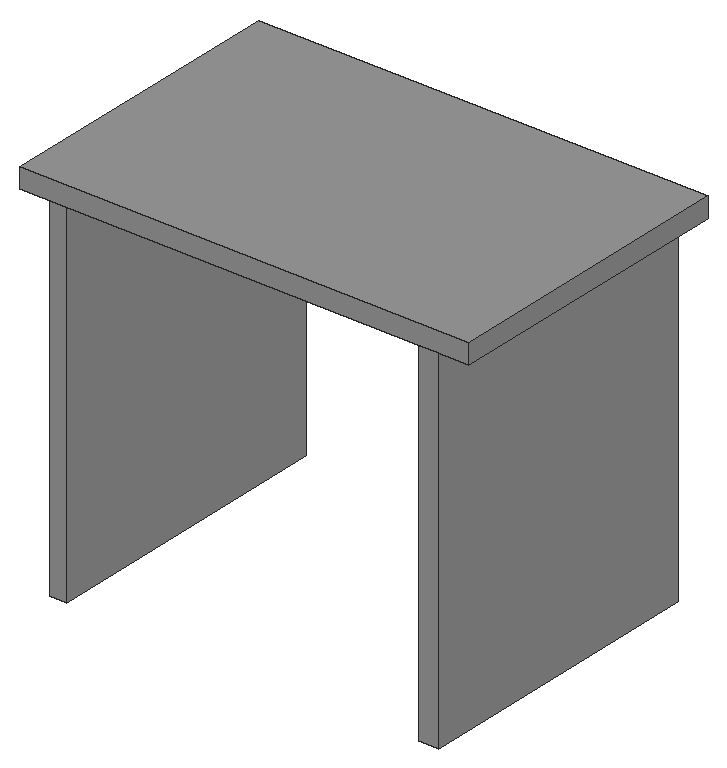
Revit family "АВЛН_Стол письменный", category Мебель, Revit 2019
Family settings
  Номер OmniClass = 23.40.20.00
  Заголовок OmniClass = General Furniture and Specialties
  На основе рабочей плоскости = Нет
  Всегда вертикально = Да
  При загрузке вырезать с полостями = Нет
  Общий = Нет
  Точка расчета площади = Нет
Parameters (values of type "Ученический стол для МГН для швейной машины")
  Ширина тумбы = 400 mm
  Тумба подвесная = no
  Описание = "Ученический стол для МГН для швейной машины;\r\n900х600х750мм;"
  М. стола = Деревянная обшивка, ДСП
  Type Comments = ""
  Keynote = ""
  Кафедра библеотекаря = no
  Manufacturer = ""
  Зеркало = no
  Задняя стенка = no
  Группа модели = "Оборудование основных помещений школы"
  Высота тумбы = 850 mm
  Бортик_центральный = no
  Бортики_боковые = no
  ADSK_Размер_Ширина = 600 mm
  ADSK_Размер_Длина = 900 mm
  ADSK_Размер_Высота = 750 mm
  ADSK_Обозначение = ""
  ADSK_Масса = 0
  ADSK_Код изделия = ""
  ADSK_Единица измерения = "шт"  # constant formula
Types (16, lengths in mm): name | Ширина тумбы | Тумба подвесная | Описание | Кафедра библеотекаря | Manufacturer | Зеркало | Задняя стенка | Высота тумбы | Бортик_центральный | Бортики_боковые | ADSK_Размер_Ширина | ADSK_Размер_Длина | ADSK_Размер_Высота | ADSK_Обозначение | ADSK_Код изделия
  (no name) | 400 | no | "Ученический стол для МГН для швейной машины;\r\n900х600х750мм;" | no | "" | no | no | 850 | no | no | 600 | 900 | 750 | "" | ""
  Стол письменный с подвесной тумбой (стол учителя) | 420 | yes | "Стол письменный с подвесной тумбой (стол учителя)\r\nстолешница ДСП ламинированная,\r\nгаб.1200х600х750мм," | no | "УП «СВ КЛАСС»\r\nБеларусь" | no | yes | 600 | no | no | 600 | 1200 | 750 | "ГОСТ 18313-93" | ""
  Стол учителя приставной | 420 | no | "Стол учителя приставной, габ. 980х520х690 мм" | no | "" | no | yes | 600 | no | no | 520 | 980 | 690 | "" | ""
  Стол учителя, габ.800х600х750мм | 420 | no | "Стол учителя, габ.800х600х750мм" | no | "" | no | yes | 600 | no | no | 600 | 800 | 750 | "" | ""
  Стол рабочий, 2000х940х750мм | 420 | no | "Стол рабочий, 2000х940х750мм" | no | "«Офис-Директ»" | no | yes | 600 | no | no | 600 | 800 | 750 | "ПРЕМЬЕР" | "ПР 111"
  Стол компьютерный одноместный с регулировкой | 420 | no | "Стол компьютерный одноместный с регулировкой по\r\nвысоте 900х680 мм" | no | "" | no | yes | 600 | no | no | 680 | 900 | 750 | "" | ""
  Стол читательский 1200х500 с регулируемой | 420 | no | "Стол читательский: 1200х500 с регулируемой\r\n(изменяемой) высотой № 1-3 и № 2-4 групп роста" | no | "" | no | yes | 600 | no | no | 500 | 1200 | 750 | "" | ""
  Стол для выдачи пособий 1200х600х700мм | 420 | no | "Стол для выдачи пособий 1200х600х700мм" | no | "" | no | yes | 600 | no | no | 600 | 1200 | 700 | "" | ""
  Стол журнальный 900х500х600 | 420 | no | "Стол журнальный 900х500х600" | no | "Торговая сеть" | no | yes | 600 | no | no | 500 | 900 | 600 | "" | ""
  Стол однотумбовый 800х600х840 | 605 | yes | "Стол однотумбовый 800х600х840" | no | "" | no | no | 780 | no | no | 600 | 800 | 840 | "" | ""
  Стол-барьер для МГН с боковыми бортиками 2х местный | 605 | no | "Стол-барьер для МГН с боковыми бортиками и\r\nэкранами у стола, 2-хместный" | no | "" | no | yes | 780 | yes | yes | 500 | 1200 | 840 | "Радуга-ЛИК\r\nсерия «NEXT»" | ""
  Стол-барьер для МГН с боковыми бортиками одноместный | 605 | no | "Стол-барьер для МГН с боковыми бортиками и\r\nэкранами у стола, размерами 1000х650мм" | no | "" | no | yes | 780 | no | yes | 650 | 1000 | 840 | "Радуга-ЛИК\r\nсерия «NEXT»" | ""
  Кафедра библиотекаря 1200х600х900мм | 400 | yes | "Кафедра библиотекаря 1200х600х900мм" | yes | "" | no | yes | 850 | no | no | 600 | 1200 | 900 | "" | ""
  Стол дидактический для логопеда | 400 | no | "Стол дидактический для логопеда; 1200х426х1100мм\r\nс зеркалом" | no | "" | yes | yes | 850 | no | yes | 425 | 1200 | 1100 | "" | ""
  Ученический стол для швейной машины | 400 | no | "Ученический стол для швейной машины;\r\n800х600х750мм;" | no | "" | no | no | 850 | no | no | 600 | 800 | 750 | "" | ""
  Ученический стол для МГН для швейной машины | 400 | no | "Ученический стол для МГН для швейной машины;\r\n900х600х750мм;" | no | "" | no | no | 850 | no | no | 600 | 900 | 750 | "" | ""
Reference planes
  plane 1 "По центру (Вперед/Назад)": y = 0
  plane 2: z = 0
  plane 3 "По центру (Влево/Вправо)": x = 0
  plane 4: z = 750
  plane 5: y = 300
  plane 6: x = 450
  plane 7: x = -450
  plane 8: y = -300
Forms (mm)
  Extrusion 1, solid, material "Деревянная обшивка, ДСП" <- "М. стола"
    sketch origin (0, -518.993, 588.996) x (-1, 0, 0) y (0, -1, 0)
      loop
        line (-450, -818.993) -> (450, -818.993) -> (450, -218.993) -> (-450, -218.993) -> (-450, -818.993)
    from 121.004 to 161.004
  Extrusion 2, solid, material "Деревянная обшивка, ДСП" <- "М. стола"
    sketch origin (0, -518.993, 592.976) x (-1, 0, 0) y (0, -1, 0)
      loop
        line (390.012, -818.993) -> (390.012, -218.993) -> (355.464, -218.993) -> (355.464, -818.993) -> (390.012, -818.993)
      loop
        line (-390.045, -818.993) -> (-349.739, -818.993) -> (-349.739, -218.993) -> (-390.045, -218.993) -> (-390.045, -818.993)
    from -592.976 to 117.024
  Extrusion 3, solid, material "Деревянная обшивка, ДСП" <- "М. стола", visible <- "Задняя стенка"
    sketch origin (0, -518.293, 592.976) x (-1, 0, 0) y (0, -1, 0)
      loop
        line (355.464, -788.293) -> (355.464, -763.009) -> (-349.739, -763.009) -> (-349.739, -788.293) -> (355.464, -788.293)
    from -282.976 to 117.024
  Extrusion 4, solid, material "Деревянная обшивка, ДСП" <- "М. стола", visible <- "Тумба подвесная"
    sketch origin (0, 0, 0) x (1, 0, 0) y (0, 0, 1)
      loop
        line (-355.464, 710) -> (-355.464, -140) -> (44.536, -140) -> (44.536, 710) -> (-355.464, 710)
    from -244.716 to 300
  Extrusion 5, solid, material "Деревянная обшивка, ДСП", visible <- "Бортики_боковые"
    sketch origin (0, -518.993, 592.976) x (-1, 0, 0) y (0, -1, 0)
      loop
        line (450, -818.993) -> (450, -218.993) -> (430, -218.993) -> (430, -818.993) -> (450, -818.993)
      loop
        line (-450, -818.993) -> (-430, -818.993) -> (-430, -218.993) -> (-450, -218.993) -> (-450, -818.993)
    from 157.024 to 257.024
  Extrusion 6, solid, material "Деревянная обшивка, ДСП" <- "М. стола", visible <- "Бортик_центральный"
    sketch origin (0, -518.993, 592.976) x (-1, 0, 0) y (0, -1, 0)
      loop
        line (10, -818.993) -> (10, -218.993) -> (-10, -218.993) -> (-10, -818.993) -> (10, -818.993)
    from 157.024 to 257.024
  Extrusion 7, solid, material "Деревянная обшивка, ДСП" <- "М. стола", visible <- "Кафедра библеотекаря"
    sketch origin (0, -518.993, 592.976) x (-1, 0, 0) y (0, -1, 0)
      loop
        line (450, -698.993) -> (430, -698.993) -> (430, -798.993) -> (-430, -798.993) -> (-430, -698.993) -> (-450, -698.993) -> (-450, -818.993) -> (450, -818.993) -> (450, -698.993)
    from 157.024 to 357.024
  Extrusion 8, solid, material "Деревянная обшивка, ДСП" <- "М. стола", visible <- "Кафедра библеотекаря"
    sketch origin (0, -518.993, 592.976) x (-1, 0, 0) y (0, -1, 0)
      loop
        line (450, -818.993) -> (450, -698.993) -> (-450, -698.993) -> (-450, -818.993) -> (450, -818.993)
    from 357.024 to 377.024
  Extrusion 9, solid, material "Деревянная обшивка, ДСП" <- "М. стола", visible <- "Зеркало"
    sketch origin (0, -518.993, 592.976) x (-1, 0, 0) y (0, -1, 0)
      loop
        line (430, -818.993) -> (430, -788.993) -> (-430, -788.993) -> (-430, -818.993) -> (430, -818.993)
    from 157.024 to 657.024
Dimensions and locks
  plane 2 to plane 4 = 750 mm
  equal spacing: plane 8, plane 1 "По центру (Вперед/Назад)", plane 5
  equal spacing: plane 7, plane 3 "По центру (Влево/Вправо)", plane 6
  "ADSK_Размер_Длина": plane 7 to plane 6
  "ADSK_Размер_Ширина": plane 5 to plane 8
  "ADSK_Размер_Высота": plane 2 to plane 4
  Extrusion 3 to Extrusion 1 to plane 4 = 400 mm locked, 40 mm locked
  Extrusion 2 sketch curve to Extrusion 2 sketch curve to plane 6 = 40.306 mm locked, 59.955 mm locked
  plane 7 to Extrusion 2 sketch curve to Extrusion 2 sketch curve = 59.988 mm locked, 34.548 mm locked
  plane 5 to Extrusion 3 to Extrusion 3 = 30 mm locked, 25.284 mm locked
  "Ширина тумбы": Extrusion 4 sketch curve to Extrusion 4 sketch curve
  "Высота тумбы": Extrusion 4 sketch curve to Extrusion 4 sketch curve
  locked: Extrusion 5 sketch curve to plane 6 at 20
  locked: plane 7 to Extrusion 5 sketch curve at 20
  locked: plane 4 to Extrusion 5 at 100
  locked: Extrusion 6 sketch curve to Extrusion 6 sketch curve at 20
  equal spacing: Extrusion 6 sketch curve, plane 3 "По центру (Влево/Вправо)", Extrusion 6 sketch curve
  locked: plane 5 to Extrusion 7 sketch curve at 120  (x2)
  locked: plane 7 to Extrusion 7 sketch curve at 20
  locked: Extrusion 7 sketch curve to plane 6 at 20
  locked: plane 5 to Extrusion 7 sketch curve at 20
  locked: plane 4 to Extrusion 7 at 200
  locked: Extrusion 8 to Extrusion 8 at 20
  locked: plane 4 to Extrusion 9 at 500
  aligned and locked: level to plane 2
  aligned and locked: plane 5 to Extrusion 1 sketch curve
  aligned and locked: Extrusion 1 sketch curve to plane 6
  aligned and locked: Extrusion 1 sketch curve to plane 8
  aligned and locked: Extrusion 1 sketch curve to plane 7
  aligned and locked: Extrusion 1 to plane 4
  aligned and locked: Extrusion 2 sketch curve to plane 5
  aligned and locked: plane 8 to Extrusion 2 sketch curve
  aligned and locked: plane 5 to Extrusion 2 sketch curve
  aligned and locked: Extrusion 2 sketch curve to plane 8
  aligned and locked: Extrusion 2 to Extrusion 1
  aligned and locked: Extrusion 2 to level
  aligned and locked: Extrusion 2 to Extrusion 3 sketch curve  (x2)
  aligned and locked: Extrusion 3 to Extrusion 1
  aligned and locked: Extrusion 4 sketch curve to Extrusion 2
  aligned and locked: Extrusion 4 sketch curve to Extrusion 1
  aligned and locked: Extrusion 4 to Extrusion 1
  aligned and locked: Extrusion 4 to Extrusion 3
  aligned and locked: Extrusion 5 sketch curve to Extrusion 1  (x4)
  aligned and locked: plane 8 to Extrusion 5 sketch curve
  aligned and locked: Extrusion 5 sketch curve to plane 8
  aligned and locked: Extrusion 5 to Extrusion 1
  aligned and locked: plane 8 to Extrusion 6 sketch curve
  aligned and locked: Extrusion 6 sketch curve to plane 5
  aligned and locked: Extrusion 5 to Extrusion 6
  aligned and locked: plane 4 to Extrusion 6
  aligned and locked: Extrusion 7 sketch curve to plane 5
  aligned and locked: Extrusion 7 sketch curve to plane 6
  aligned and locked: plane 7 to Extrusion 7 sketch curve
  aligned and locked: Extrusion 7 to Extrusion 1
  aligned and locked: Extrusion 8 sketch curve to Extrusion 1  (x2)
  aligned and locked: Extrusion 8 sketch curve to Extrusion 7  (x2)
  aligned and locked: Extrusion 8 to Extrusion 7
  aligned and locked: Extrusion 9 sketch curve to Extrusion 5  (x2)
  aligned and locked: Extrusion 5 to Extrusion 9 sketch curve
  aligned and locked: Extrusion 9 sketch curve to Extrusion 3
  aligned and locked: Extrusion 9 to Extrusion 1
Automatic sketch dimensions
  Extrusion 3 sketch curve to plane 5 = 30 mm
  Extrusion 3 sketch curve to Extrusion 3 sketch curve = 25.284 mm
